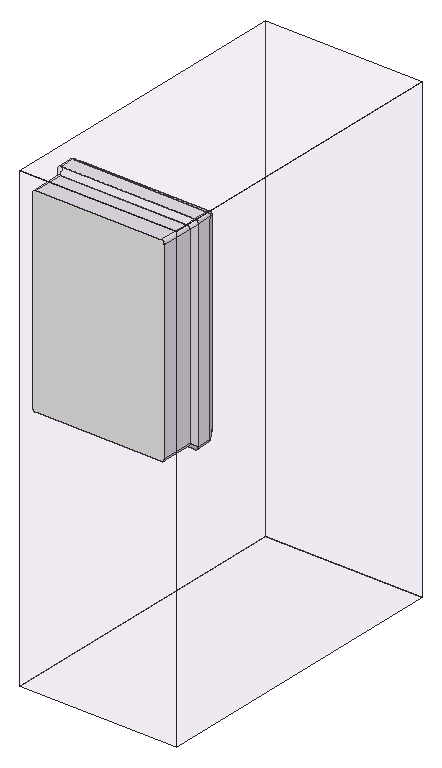
Revit family "FGS - Flamefast Gas Sensor", category Electrical Fixtures, host Wall, Revit 2019
Family settings
  Host = Wall
  Maintain Annotation Orientation = No
  Round Connector Dimension = Use Diameter
  Part Type = Normal
  OmniClass Number = 23.80.00.00
  OmniClass Title = Electric Power and Lighting
  Always vertical = Yes
  Cut with Voids When Loaded = No
  Shared = No
  Room Calculation Point = No
Parameters (values of type "Type 1")
  Overall Width = 85 mm
  Overall Height = 125 mm
  Overall Depth = 36 mm
Reference planes
  plane 1: y = 0
  plane 2 "Center (Left/Right)": x = 125
  plane 3 "Back": y = 75
  plane 4: z = 1560
  plane 5: z = 1440
  plane 6: x = 85
  plane 7: x = 165
  plane 8: x = 167.5
  plane 9: x = 82.5
  plane 10: z = 1437.5
  plane 11: z = 1562.5
  plane 12: y = 106.5
  plane 13: y = 111
  plane 14: z = 1529.5
  plane 15: z = 1498.5
  plane 16: x = 104.5
  plane 17: x = 145.5
  plane 18 "Clearance Zone Left": x = 172.5
  plane 19 "Clearance Zone Right": x = 77.5
  plane 20 "Clearance Zone Top": z = 1567.5
  plane 21 "Clearance Zone Bottom": z = 1287.5
  plane 22 "Clearance Zone Front": y = 261
Forms (mm)
  Extrusion 1, solid, material "ABS Plastic - White"
    sketch origin (85, 75, 0) x (1, 0, 0) y (0, 0, -1)
      loop
        line (80, -1558) -> (80, -1442)
        arc (80, -1442) -> (79.414, -1440.586) -> (78, -1440) r 2
        line (78, -1440) -> (2, -1440)
        arc (2, -1440) -> (0.586, -1440.586) -> (0, -1442) r 2
        line (0, -1442) -> (0, -1558)
        arc (0, -1558) -> (0.586, -1559.414) -> (2, -1560) r 2
        line (2, -1560) -> (78, -1560)
        arc (78, -1560) -> (79.414, -1559.414) -> (80, -1558) r 2
    from 0 to 19
  Blend 2, solid, material "ABS Plastic - White"
    base sketch origin (85, 94, 0) x (1, 0, 0) y (0, 0, -1)
      loop
        line (80, -1558) -> (80, -1442)
        arc (80, -1442) -> (79.414, -1440.586) -> (78, -1440) r 2
        line (78, -1440) -> (2, -1440)
        arc (2, -1440) -> (0.586, -1440.586) -> (0, -1442) r 2
        line (0, -1442) -> (0, -1558)
        arc (0, -1558) -> (0.586, -1559.414) -> (2, -1560) r 2
        line (2, -1560) -> (78, -1560)
        arc (78, -1560) -> (79.414, -1559.414) -> (80, -1558) r 2
    top sketch origin (85, 94, 0) x (1, 0, 0) y (0, 0, -1)
      loop
        line (82.5, -1560.5) -> (82.5, -1439.5)
        arc (82.5, -1439.5) -> (81.914, -1438.086) -> (80.5, -1437.5) r 2
        line (80.5, -1437.5) -> (-0.5, -1437.5)
        arc (-0.5, -1437.5) -> (-1.914, -1438.086) -> (-2.5, -1439.5) r 2
        line (-2.5, -1439.5) -> (-2.5, -1560.5)
        arc (-2.5, -1560.5) -> (-1.914, -1561.914) -> (-0.5, -1562.5) r 2
        line (-0.5, -1562.5) -> (80.5, -1562.5)
        arc (80.5, -1562.5) -> (81.914, -1561.914) -> (82.5, -1560.5) r 2
    from 0 to 3.5
  Extrusion 3, solid, material "ABS Plastic - White"
    sketch origin (85, 97.5, 0) x (1, 0, 0) y (0, 0, -1)
      loop
        line (82.5, -1560.5) -> (82.5, -1439.5)
        arc (82.5, -1439.5) -> (81.914, -1438.086) -> (80.5, -1437.5) r 2
        line (80.5, -1437.5) -> (-0.5, -1437.5)
        arc (-0.5, -1437.5) -> (-1.914, -1438.086) -> (-2.5, -1439.5) r 2
        line (-2.5, -1439.5) -> (-2.5, -1560.5)
        arc (-2.5, -1560.5) -> (-1.914, -1561.914) -> (-0.5, -1562.5) r 2
        line (-0.5, -1562.5) -> (80.5, -1562.5)
        arc (80.5, -1562.5) -> (81.914, -1561.914) -> (82.5, -1560.5) r 2
    from 0 to 9
  Blend 4, solid, material "ABS Plastic - White"
    base sketch origin (85, 113, 0) x (1, 0, 0) y (0, 0, 1)
      loop
        arc (80, 1558) -> (79.414, 1559.414) -> (78, 1560) r 2
        line (78, 1560) -> (2, 1560)
        arc (2, 1560) -> (0.586, 1559.414) -> (0, 1558) r 2
        line (0, 1558) -> (0, 1442)
        arc (0, 1442) -> (0.586, 1440.586) -> (2, 1440) r 2
        line (2, 1440) -> (78, 1440)
        arc (78, 1440) -> (79.414, 1440.586) -> (80, 1442) r 2
        line (80, 1442) -> (80, 1558)
    top sketch origin (85, 113, 0) x (1, 0, 0) y (0, 0, 1)
      loop
        arc (82.5, 1560.5) -> (81.914, 1561.914) -> (80.5, 1562.5) r 2
        line (80.5, 1562.5) -> (-0.5, 1562.5)
        arc (-0.5, 1562.5) -> (-1.914, 1561.914) -> (-2.5, 1560.5) r 2
        line (-2.5, 1560.5) -> (-2.5, 1439.5)
        arc (-2.5, 1439.5) -> (-1.914, 1438.086) -> (-0.5, 1437.5) r 2
        line (-0.5, 1437.5) -> (80.5, 1437.5)
        arc (80.5, 1437.5) -> (81.914, 1438.086) -> (82.5, 1439.5) r 2
        line (82.5, 1439.5) -> (82.5, 1560.5)
    from 2 to 6.5
  Blend 5, void
    base sketch origin (85, 111, 0) x (1, 0, 0) y (0, 0, 1)
      loop
        line (60.5, 1529.5) -> (19.5, 1529.5) -> (19.5, 1498.5) -> (60.5, 1498.5) -> (60.5, 1529.5)
    top sketch origin (85, 111, 0) x (1, 0, 0) y (0, 0, 1)
      loop
        line (58, 1527) -> (22, 1527) -> (22, 1501) -> (58, 1501) -> (58, 1527)
    from 0 to 3.5
  Extrusion 6, solid, material "Glass"
    sketch origin (85, 107.5, 0) x (-1, 0, 0) y (0, 0, 1)
      loop
        line (-58, 1527) -> (-58, 1501) -> (-22, 1501) -> (-22, 1527) -> (-58, 1527)
    from 0 to 1
  Extrusion 7, solid, material "Clearance Zones"
    sketch origin (85, 107.5, 0) x (-1, 0, 0) y (0, 0, 1)
      loop
        line (-87.5, 1567.5) -> (-87.5, 1287.5) -> (7.5, 1287.5) -> (7.5, 1567.5) -> (-87.5, 1567.5)
    from -32.5 to 153.5
Cuts and joins
  Blend 5 cuts Blend 4
Text (mm)
  text "Placement side" at (-1867.185, 1116.779, 0), in view "Ref. Level"
  text "Placement side" at (0, 1270.507, 3001.832), in view "Left"
  text "Placement side" at (0, 530.812, 2999.686), in view "Right"
Dimensions and locks
  locked: plane 3 "Back" to host wall
  "Overall Width": plane 8 to plane 9
  "Overall Height": plane 10 to plane 11
  "Overall Depth": plane 3 "Back" to plane 13
  equal spacing: plane 8, plane 2 "Center (Left/Right)", plane 9, locked at 42.5 each
  locked: plane 19 "Clearance Zone Right" to Extrusion 3 at 5
  locked: Extrusion 3 to plane 20 "Clearance Zone Top" at 5
  locked: plane 8 to plane 18 "Clearance Zone Left" at 5
  locked: plane 21 "Clearance Zone Bottom" to plane 10 at 150
  plane 22 "Clearance Zone Front" to host wall = 186 mm
  aligned and locked: plane 1 to host wall
Automatic sketch dimensions
  Extrusion 1 sketch curve to plane 6 = 0 mm
  Extrusion 1 sketch curve to plane 4 = 0 mm
  Extrusion 1 sketch curve to plane 5 = 0 mm
  Extrusion 1 sketch curve to plane 7 = 0 mm
  Extrusion 1 sketch curve to Extrusion 1 sketch curve = 2 mm
  plane 6 to Extrusion 1 sketch curve = 2 mm
  Extrusion 1 sketch curve to plane 7 = 2 mm  (x2)
  Blend 2 sketch curve to plane 6 = 0 mm
  Blend 2 sketch curve to plane 4 = 0 mm
  Blend 2 sketch curve to plane 5 = 0 mm
  Blend 2 sketch curve to plane 7 = 0 mm
  Blend 2 sketch curve to Blend 2 sketch curve = 2 mm
  plane 6 to Blend 2 sketch curve = 2 mm
  Blend 2 sketch curve to plane 7 = 2 mm  (x2)
  Blend 2 sketch curve to plane 9 = 0 mm
  Blend 2 sketch curve to plane 11 = 0 mm
  Blend 2 sketch curve to plane 10 = 0 mm
  Blend 2 sketch curve to plane 8 = 0 mm
  plane 4 to Blend 2 sketch curve = 0.5 mm
  Blend 2 sketch curve to plane 6 = 0.5 mm
  plane 7 to Blend 2 sketch curve = 0.5 mm  (x2)
  Extrusion 3 sketch curve to plane 9 = 0 mm
  Extrusion 3 sketch curve to plane 11 = 0 mm
  Extrusion 3 sketch curve to plane 10 = 0 mm
  Extrusion 3 sketch curve to plane 8 = 0 mm
  plane 4 to Extrusion 3 sketch curve = 0.5 mm
  Extrusion 3 sketch curve to plane 6 = 0.5 mm
  plane 7 to Extrusion 3 sketch curve = 0.5 mm  (x2)
  Blend 4 sketch curve to plane 6 = 0 mm
  Blend 4 sketch curve to plane 4 = 0 mm
  Blend 4 sketch curve to plane 5 = 0 mm
  Blend 4 sketch curve to plane 7 = 0 mm
  Blend 4 sketch curve to Blend 4 sketch curve = 2 mm
  plane 6 to Blend 4 sketch curve = 2 mm
  Blend 4 sketch curve to plane 7 = 2 mm  (x2)
  Blend 4 sketch curve to plane 9 = 0 mm
  Blend 4 sketch curve to plane 11 = 0 mm
  Blend 4 sketch curve to plane 10 = 0 mm
  Blend 4 sketch curve to plane 8 = 0 mm
  plane 4 to Blend 4 sketch curve = 0.5 mm
  Blend 4 sketch curve to plane 6 = 0.5 mm
  plane 7 to Blend 4 sketch curve = 0.5 mm  (x2)
  Blend 4 to Blend 5 sketch curve = 19.5 mm  (x2)
  Blend 4 to Blend 5 sketch curve = 58.5 mm
  Blend 4 to Blend 5 sketch curve = 30.5 mm
  Blend 4 to Blend 5 sketch curve = 22 mm  (x2)
  Blend 4 to Blend 5 sketch curve = 59 mm
  Blend 5 sketch curve to Blend 5 sketch curve = 26 mm
  Extrusion 6 sketch curve to Blend 5 = 0 mm  (x4)
  Blend 5 to Extrusion 7 sketch curve = 29.5 mm  (x2)
  Blend 5 to Extrusion 7 sketch curve = 213.5 mm
  Blend 5 to Extrusion 7 sketch curve = 40.5 mm
Connectors
  electrical at (125, 75, 1500)
    settings: on Extrusion 1, index 1, voltage 24 V, apparent load 0 VA, apparent load phase1 1 VA, apparent load phase2 0 VA, apparent load phase3 0 VA, power factor 1, load classification "Power", number of poles 1, system type 31, power factor state 1, is connector primary yes, connector utility no, sub classification motor no, connector description ""
